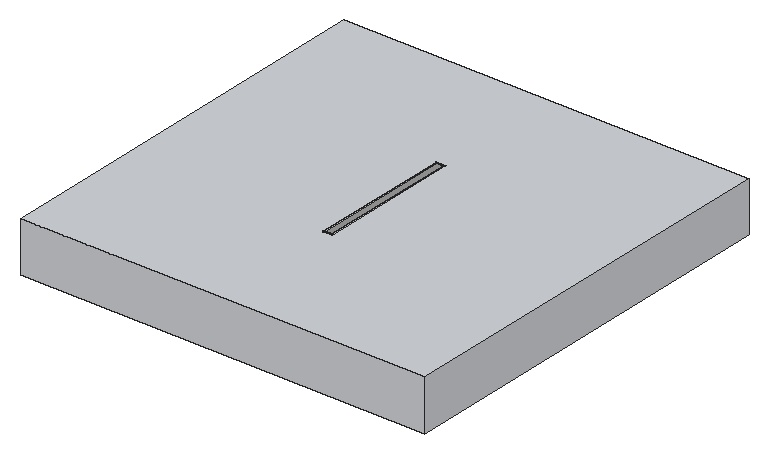
Revit family "LAMP_FIL 45 840MM OPAL COMFORT RECESSED", category Luminarias, Revit 2018
Family settings
  Anfitrión = Cara
  Cota de conector redondo = Diámetro de uso
  Tipo de pieza = Normal
  Corte con vacíos al cargar = No
  Origen de luz = Sí
  Compartido = No
  Punto de cálculo de habitación = No
Parameters (values of type "1950LM 3000K  BLACK")
  Ángulo de inclinación = -90.00°
  Weight = 2.04 kg
  Wattage = 13.3 W
  Type = "MID POWER TRIDONIC"
  built-in parameter 1150107 = 3000 (stored number, unit not read)
  Recessed dimensions = "846x51x0"
  built-in parameter 1150110 = 1 (stored number, unit not read)
  built-in parameter 1150109 = 1 (stored number, unit not read)
  built-in parameter 1150112 = 1 (stored number, unit not read)
  built-in parameter 1150113 = 1 (stored number, unit not read)
  built-in parameter 1114218 = 1 (stored number, unit not read)
  Protection rating = "IP20 / IK07"
  Product datasheet = "http://www.lamp.es/product-files/TECH/F41RE084MOPR830NB-EN.pdf"
  Product code = "F41RE084MOPR830NB"
  Product URL = "https://www.lamp.es/en/family/fil-45_413951"
  Power Supply = "220-240V 50/60Hz"
  Power = 12 W
  Plum = 13.3 W
  Photobiological risk = ""
  NOT COVER 2 [instance] = not(END COVER 2)  # no
  NOT COVER 1 [instance] = not(END COVER 1)  # no
  built-in parameter 1150137 = (empty or 0)
  built-in parameter 1150132 = 2
  Modelo = Product code  # "F41RE084MOPR830NB"
  Model Explanation = ""
  Material suspension = LAMP_Acero genérico
  Material perfil = LAMP_Aluminio Perfil Fil NG
  Material difusor = LAMP_PC Difusor Opal Fil
  Manufacturer name = "LAMP"
  Manufacturer country = "Spain"
  Manufacturer URL = "http://www.lamp.es/en"
  MacAdam = "3"
  Longitud de línea de emisión = 840 mm
  Last update = "30/03/2021"
  Lamp = "MID-POWER LED"
  LED Lifetime = "70.000 L80 B10"
  built-in parameter 1150105 = 476.58 (stored number, unit not read)
  built-in parameter 1150102 = (empty or 0)
  Insulation class = "I"
  Installation instructions = "https://www.lamp.es/product-files/INS/1004580-C%20INSTR.%20FIL45.pdf"
  built-in parameter 1150106 = 4.7658 (stored number, unit not read)
  IEE = "A+"
  Gear = "Electronic"
  Lumens = 1252.86 lm
  Finish = "Matte black RAL 9011"
  Color Filter = 16777215
  built-in parameter 1114217 = 1 (stored number, unit not read)
  built-in parameter 1150139 = (empty or 0)
  Fabricante = Manufacturer name  # "LAMP"
  Default Elevation = 1219.2 mm
  built-in parameter 1150104 = 8.7515 (stored number, unit not read)
  Efficacy = 94.2 lm/W
  END COVER 2 [instance] = yes
  END COVER 1 [instance] = yes
  Dimensions = "840x55x76"
  Descripción = "FIL45 REC 840 1950 WW OP COMF BK."
  built-in parameter 1150115 = 1 (stored number, unit not read)
  built-in parameter 1150114 = 1 (stored number, unit not read)
  built-in parameter 1150138 = (empty or 0)
  built-in parameter 1150134 = 3
  Dimming Lamp Color Temperature Shift = (empty or 0)
  CRI = "80"
  Archivo de red fotométrica = "F41RE084MOPR830NB.IES"
  built-in parameter 1150133 = 10 (stored number, unit not read)
Types (12, lengths in mm): name | Weight | built-in parameter 1150107 | Product datasheet | Product code | Modelo | Material perfil | built-in parameter 1150105 | built-in parameter 1150106 | Lumens | Finish | built-in parameter 1150104 | Efficacy | Descripción | Archivo de red fotométrica
  1950LM 3000K DALI BLACK | 2.172 kg | 3000 (stored number, unit not read) | "http://www.lamp.es/product-files/TECH/F41RE084MOPR830DB-EN.pdf" | "F41RE084MOPR830DB" | "F41RE084MOPR830DB" | LAMP_Aluminio Perfil Fil NG | 476.58 (stored number, unit not read) | 4.7658 (stored number, unit not read) | 1252.86 lm | "Matte black RAL 9011" | 8.7515 (stored number, unit not read) | 94.2 lm/W | "FIL45 REC 840 1950 WW OP COMF DALI BK." | "F41RE084MOPR830nB.IES"
  1950LM 3000K DALI GREY | 2.172 kg | 3000 (stored number, unit not read) | "http://www.lamp.es/product-files/TECH/F41RE084MOPR830DG-EN.pdf" | "F41RE084MOPR830DG" | "F41RE084MOPR830DG" | LAMP_Aluminio Perfil Fil GR | 476.58 (stored number, unit not read) | 4.7658 (stored number, unit not read) | 1252.86 lm | "Gloss grey" | 8.7515 (stored number, unit not read) | 94.2 lm/W | "FIL45 REC 840 1950 WW OP COMF DALI GR." | "F41RE084MOPR830nG.IES"
  1950LM 3000K DALI WHITE | 2.172 kg | 3000 (stored number, unit not read) | "http://www.lamp.es/product-files/TECH/F41RE084MOPR830DW-EN.pdf" | "F41RE084MOPR830DW" | "F41RE084MOPR830DW" | LAMP_Aluminio Perfil Fil BL | 476.58 (stored number, unit not read) | 4.7658 (stored number, unit not read) | 1252.86 lm | "Matte white RAL 9010" | 8.7515 (stored number, unit not read) | 94.2 lm/W | "FIL45 REC 840 1950 WW OP COMF DALI WH." | "F41RE084MOPR830nW.IES"
  1950LM 3000K  BLACK | 2.04 kg | 3000 (stored number, unit not read) | "http://www.lamp.es/product-files/TECH/F41RE084MOPR830NB-EN.pdf" | "F41RE084MOPR830NB" | "F41RE084MOPR830NB" | LAMP_Aluminio Perfil Fil NG | 476.58 (stored number, unit not read) | 4.7658 (stored number, unit not read) | 1252.86 lm | "Matte black RAL 9011" | 8.7515 (stored number, unit not read) | 94.2 lm/W | "FIL45 REC 840 1950 WW OP COMF BK." | "F41RE084MOPR830NB.IES"
  1950LM 3000K  GREY | 2.04 kg | 3000 (stored number, unit not read) | "http://www.lamp.es/product-files/TECH/F41RE084MOPR830NG-EN.pdf" | "F41RE084MOPR830NG" | "F41RE084MOPR830NG" | LAMP_Aluminio Perfil Fil GR | 476.58 (stored number, unit not read) | 4.7658 (stored number, unit not read) | 1252.86 lm | "Gloss grey" | 8.7515 (stored number, unit not read) | 94.2 lm/W | "FIL45 REC 840 1950 WW OP COMF GR." | "F41RE084MOPR830NG.IES"
  1950LM 3000K  WHITE | 2.04 kg | 3000 (stored number, unit not read) | "http://www.lamp.es/product-files/TECH/F41RE084MOPR830NW-EN.pdf" | "F41RE084MOPR830NW" | "F41RE084MOPR830NW" | LAMP_Aluminio Perfil Fil BL | 476.58 (stored number, unit not read) | 4.7658 (stored number, unit not read) | 1252.86 lm | "Matte white RAL 9010" | 8.7515 (stored number, unit not read) | 94.2 lm/W | "FIL45 REC 840 1950 WW OP COMF WH." | "F41RE084MOPR830NW.IES"
  1950LM 4000K DALI BLACK | 2.172 kg | 4000 (stored number, unit not read) | "http://www.lamp.es/product-files/TECH/F41RE084MOPR840DB-EN.pdf" | "F41RE084MOPR840DB" | "F41RE084MOPR840DB" | LAMP_Aluminio Perfil Fil NG | 500.41 (stored number, unit not read) | 5.0041 (stored number, unit not read) | 1315.5 lm | "Matte black RAL 9011" | 9.189 (stored number, unit not read) | 98.91 lm/W | "FIL45 REC 840 1950 NW OP COMF DALI BK." | "F41RE084MOPR840nB.IES"
  1950LM 4000K DALI GREY | 2.172 kg | 4000 (stored number, unit not read) | "http://www.lamp.es/product-files/TECH/F41RE084MOPR840DG-EN.pdf" | "F41RE084MOPR840DG" | "F41RE084MOPR840DG" | LAMP_Aluminio Perfil Fil GR | 500.41 (stored number, unit not read) | 5.0041 (stored number, unit not read) | 1315.5 lm | "Gloss grey" | 9.189 (stored number, unit not read) | 98.91 lm/W | "FIL45 REC 840 1950 NW OP COMF DALI GR." | "F41RE084MOPR840nG.IES"
  1950LM 4000K DALI WHITE | 2.172 kg | 4000 (stored number, unit not read) | "http://www.lamp.es/product-files/TECH/F41RE084MOPR840DW-EN.pdf" | "F41RE084MOPR840DW" | "F41RE084MOPR840DW" | LAMP_Aluminio Perfil Fil BL | 500.41 (stored number, unit not read) | 5.0041 (stored number, unit not read) | 1315.5 lm | "Matte white RAL 9010" | 9.189 (stored number, unit not read) | 98.91 lm/W | "FIL45 REC 840 1950 NW OP COMF DALI WH." | "F41RE084MOPR840nW.IES"
  1950LM 4000K  BLACK | 2.04 kg | 4000 (stored number, unit not read) | "http://www.lamp.es/product-files/TECH/F41RE084MOPR840NB-EN.pdf" | "F41RE084MOPR840NB" | "F41RE084MOPR840NB" | LAMP_Aluminio Perfil Fil NG | 500.41 (stored number, unit not read) | 5.0041 (stored number, unit not read) | 1315.5 lm | "Matte black RAL 9011" | 9.189 (stored number, unit not read) | 98.91 lm/W | "FIL45 REC 840 1950 NW OP COMF BK." | "F41RE084MOPR840NB.IES"
  1950LM 4000K  GREY | 2.04 kg | 4000 (stored number, unit not read) | "http://www.lamp.es/product-files/TECH/F41RE084MOPR840NG-EN.pdf" | "F41RE084MOPR840NG" | "F41RE084MOPR840NG" | LAMP_Aluminio Perfil Fil GR | 500.41 (stored number, unit not read) | 5.0041 (stored number, unit not read) | 1315.5 lm | "Gloss grey" | 9.189 (stored number, unit not read) | 98.91 lm/W | "FIL45 REC 840 1950 NW OP COMF GR." | "F41RE084MOPR840NG.IES"
  1950LM 4000K  WHITE | 2.04 kg | 4000 (stored number, unit not read) | "http://www.lamp.es/product-files/TECH/F41RE084MOPR840NW-EN.pdf" | "F41RE084MOPR840NW" | "F41RE084MOPR840NW" | LAMP_Aluminio Perfil Fil BL | 500.41 (stored number, unit not read) | 5.0041 (stored number, unit not read) | 1315.5 lm | "Matte white RAL 9010" | 9.189 (stored number, unit not read) | 98.91 lm/W | "FIL45 REC 840 1950 NW OP COMF WH." | "F41RE084MOPR840NW.IES"
Reference planes
  plane 1 "Centro (Frontal/Posterior)": y = 0
  plane 2: z = 0
  plane 3 "Centro (Izquierda/Derecha)": x = 0
Forms (mm)
  Extrusion 1, solid
    sketch origin (0, 0, 0) x (1, 0, 0) y (0, 1, 0)
      loop
        line (-1219.2, 1219.2) -> (-1219.2, -1219.2) -> (1219.2, -1219.2) -> (1219.2, 1219.2) -> (-1219.2, 1219.2)
    from 0 to -304.8
  Extrusion 2, solid, material "LAMP_Aluminio Perfil Fil NG" <- "Material perfil"
    sketch origin (0, 0, -281.8) x (1, 0, 0) y (0, 0, 1)
      loop
        line (17.8, 259) -> (0, 259) -> (-17.8, 259) -> (-21.5, 259) -> (-21.5, 283) -> (-27.5, 283) -> (-27.5, 281.8) -> (-22.5, 281.8) -> (-22.5, 206.5) -> (22.5, 206.5) -> (22.5, 281.8) -> (27.5, 281.8) -> (27.5, 283) -> (21.5, 283) -> (21.5, 259) -> (17.8, 259)
    from -420 to 420
  Extrusion 3, solid, material "LAMP_PC Difusor Opal Fil" <- "Material difusor"
    sketch origin (0, 0, -281.8) x (1, 0, 0) y (0, 0, 1)
      loop
        line (-21.5, 283) -> (-21.5, 281.8) -> (21.5, 281.8) -> (21.5, 283) -> (-21.5, 283)
    from 420 to -420
Text (mm)
  text "Any modification of the parameters and properties of the LAMP BIM models must be executed and validated by the LAMP technical department.\nPhone: +34 93 736 68 00\nE-mail: lamp@lamp.es\n\nLAMP reserves the right to modify the technical specifications of its products." at (3249.303, 5266.069, -2786.139), in view "Preview"
Dimensions and locks
  aligned and locked: plane 2 to Extrusion 1
  aligned and locked: level to Extrusion 1
Nested families
  nested 1: "LAMP_FIL 45 END COVER RECESSED" at (0, -421, -75.3), visible <- "END COVER 1", type "Blanco"
  nested 2: "LAMP_FIL 45 END COVER RECESSED" at (0, 421, -75.3), visible <- "END COVER 2", type "Blanco"
Connectors
  electrical at (0, 0, -75.3)
    settings: on Extrusion 2, index 1, voltage 230 V, apparent load 0 VA, apparent load phase1 0 VA, apparent load phase2 0 VA, apparent load phase3 0 VA, power factor 1, load classification "Otro", number of poles 1, system type 31, power factor state 1, is connector primary yes, connector utility no, sub classification motor no, connector description ""
Definition of nested family "LAMP_FIL 45 END COVER RECESSED"
  Parameters (values of type "LAMP_FIL 45 END COVER RECESSED")
    Material tapa = none
  Reference planes
    plane 1 "Centro (Frontal/Posterior)": y = 0
    plane 2: z = 0
    plane 3 "Centro (Izquierda/Derecha)": x = 0
  Forms (mm)
    Extrusion 1, solid, material <- "Material tapa"
      sketch origin (0, 0, 76.8) x (0, -1, 0) y (0, 0, -1)
        loop
          line (1, 1.5) -> (1, 76.8) -> (-1, 76.8) -> (-1, 0.3) -> (4.5, 0.3) -> (4.5, 1.5) -> (1, 1.5)
      from -27.5 to 27.5
    Extrusion 2, void
      sketch origin (0, 0, 0) x (1, 0, 0) y (0, 0, 1)
        loop
          line (27.5, 75.3) -> (22.5, 75.3) -> (22.5, 0) -> (27.5, 0) -> (27.5, 75.3)
      from -23.5 to 23.5
    Extrusion 3, void
      sketch origin (0, 0, 0) x (1, 0, 0) y (0, 0, 1)
        loop
          line (-27.5, 75.3) -> (-27.5, 0) -> (-22.5, 0) -> (-22.5, 75.3) -> (-27.5, 75.3)
      from -23.5 to 23.5
  Cuts and joins
    Extrusion 2, Extrusion 3 cuts Extrusion 1
  Dimensions and locks
    aligned and locked: level to plane 2
